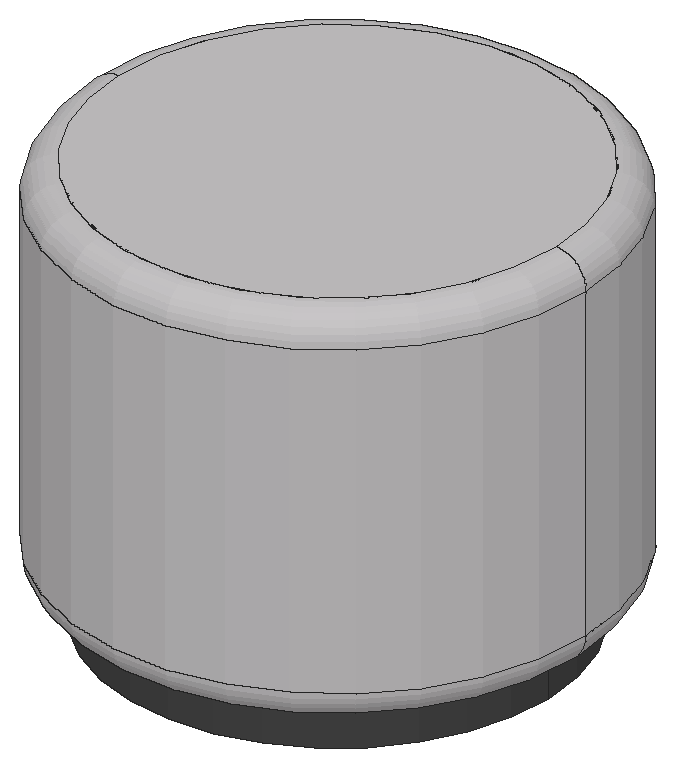
Revit family "FU_Chair_Sandler_ENTROPY_ENT0070TA", category Furniture, Revit 2020
Family settings
  OmniClass Number = 23.21.23.15.17
  Work Plane-Based = Yes
  Always vertical = No
  Cut with Voids When Loaded = No
  Shared = No
  Room Calculation Point = No
Parameters (values of type "ENTROPY ENT0070TA")
  Youtube clip = ""
  Width = 500.000 mm  # constant formula
  Uniformat II Description = "Movable Furnishings"
  Uniformat II Code = ""
  Uniclass 2015 Name = ""
  Uniclass 2015 Code = ""
  Uniclass 2.0 Description = ""
  Uniclass 2.0 Code = ""
  Uniclass 1.4 Description = ""
  Uniclass 1.4 Code = ""
  UNSPSC Code = ""
  Technical description = ""
  Seat Material = Leather - Gaja - 60005
  Frame Material = Steel - Frame - Black
  Region South America = "All"
  Region Oceania = "All"
  Region North America = "All"
  Region Middle East = "All"
  Region Europe = "All"
  Region Asia = "All"
  Region Antarctica = "All"
  Region Africa = "All"
  QR code = ""
  Product url = "https://www.sandlerseating.com/product/ent0070ta/"
  Product name = ""
  Product group = "Chair"
  Product family = "Furniture"
  Product data url = "https://www.sandlerseating.com/product/ent0070ta/"
  Product certification = ""
  Product SKU = ""
  Product Guid = ""
  OmniClass Description = ""
  OmniClass Code = "23-21 23 15 17"
  NBS Reference Description = ""
  NBS Reference Code = ""
  Model = "ENTROPY ENT0070TA"
  Masterformat 2014 Description = "Chair Mats"
  Masterformat 2014 Code = "12 48 43.13"
  Manufacturer name = "Sandler"
  Manufacturer country = "UK"
  Manufacturer = "Sandler"
  Installation instructions = ""
  IFC Classification = "Furnishing Element"
  GTIN code = ""
  Edition number = 1
  Design country = "UK"
  Description = "Chair"
  Depth = 500.000 mm  # constant formula
  Default Elevation = 0.000 mm
  Date of publishing = ""
  COBIe Type Category = ""
  Brand url = "https://www.sandlerseating.com/"
  BIMobject main category code = "furniture"
  BIMobject main category = "Furniture"
  BIMobject category code = "furniture-chair"
  BIMobject category = "Chair"
Reference planes
  plane 1 "Center Front/Back": y = 0
  plane 2: z = 0
  plane 3 "Center Left/Right": x = 0
  plane 4: z = 410
  plane 5: z = 40
Forms (mm)
  Extrusion 1, solid, material "Leather - Gaja - 60005" <- "Seat Material"
    sketch origin (0, 0, 0) x (1, 0, 0) y (0, 1, 0)
      loop
        circle (0, 0) r 250
    from 40 to 410
  Extrusion 2, solid, material "Steel - Frame - Black" <- "Frame Material"
    sketch origin (0, 0, 0) x (1, 0, 0) y (0, 1, 0)
      loop
        circle (0, 0) r 212.5
    from 0 to 40
  Sweep 3, void
    path in 3D
      loop
        arc (-250, 0, 410) -> (0, 250, 410) -> (250, 0, 410) r 250
        arc (250, 0, 410) -> (0, -250, 410) -> (-250, 0, 410) r 250
    profile origin (0, -250, 410) x (0, -1, 0) y (0, 0, 1)
      loop
        line (0, 0) -> (-30, 0)
        arc (-30, 0) -> (-8.787, -8.787) -> (0, -30) r 30
        line (0, -30) -> (0, 0)
      loop
        line (0, -370) -> (0, -340)
        arc (0, -340) -> (-8.787, -361.213) -> (-30, -370) r 30
        line (-30, -370) -> (0, -370)
Cuts and joins
  Sweep 3 cuts Extrusion 1
Lines and regions (mm)
  sketch lines
    curve 1: arc (250, 0, 410) -> (0, -250, 410) -> (-250, 0, 410) r 250
    curve 2: arc (-250, 0, 410) -> (0, 250, 410) -> (250, 0, 410) r 250
Dimensions and locks
  "Width": diameter of Extrusion 1 sketch curve
  aligned and locked: level to plane 2
Automatic sketch dimensions
  Sweep 3 sketch curve to profile plane = 0.000 mm  (x3)
  profile plane to Sweep 3 sketch curve = 30.000 mm  (x2)
  Sweep 3 sketch curve to Sweep 3 sketch curve = 310.000 mm
  plane 1 "Center Front/Back" to Extrusion 2 sketch curve = 0.000 mm
  Extrusion 2 sketch curve to plane 3 "Center Left/Right" = 0.000 mm
  plane 1 "Center Front/Back" to Extrusion 1 sketch curve = 0.000 mm
  Extrusion 1 sketch curve to plane 3 "Center Left/Right" = 0.000 mm
  radius of Extrusion 2 sketch curve = 212.500 mm
